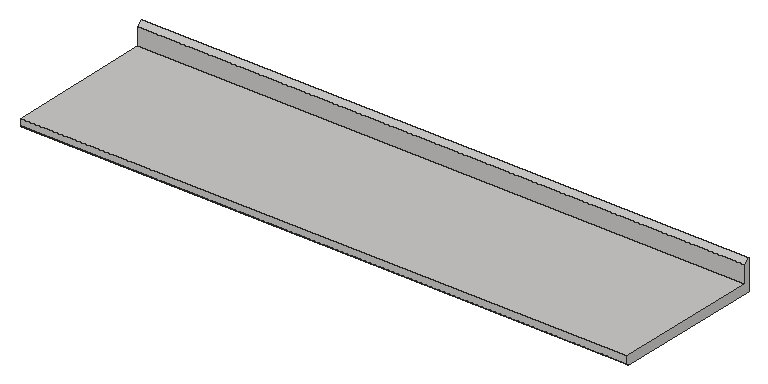
Revit family "QF_ELECTROLUXPROFESSIONAL_121166_TPLA28A", category Attrezzature speciali, Revit 2020
Family settings
  Quota connettore circolare = Usa diametro
  Tipo di parte = Normale
  Basato su piano di lavoro = No
  Sempre verticale = Sì
  Taglio con vuoti quando caricato = No
  Condiviso = No
  Punto di calcolo locali = No
Parameters (values of type "Standard")
  Weight = 89.00 kg
  Watts = 0 W
  Volts = 0 V
  URL Manufacturer = "https://www.electroluxprofessional.com/"
  URL = "https://www.electroluxprofessional.com/"
  Steam Supply Size = 0 mm
  Steam Supply Minimum Pressure = 0.0 Pa
  Steam Supply Maximum Pressure = 0.0 Pa
  Steam Consumption per Hour = 0
  Refrigeration Suction Line Size = 0.0 mm
  Refrigeration Liquid Line Size = 0.0 mm
  Refrigerant Compressor Remote = yes
  Prospetto di default = 0.0 mm
  Phase = 0
  Modello = "TPLA28A"
  Produttore = "Electrolux Professional"
  Length Actual = 2800.0 mm  # constant formula
  Item Number = "121166"
  Hot Water Size = 0 mm
  Height Actual = 140.0 mm  # constant formula
  HP = "0 HP"
  Gas Size = 0 mm
  Gas KW = 0
  Gas Input Pressure = 0 W
  Direct Waste Size = 0 mm
  Descrizione = "WORK TOP WITH UPSTAND 2800MM"
  Depth Actual = 700.0 mm  # constant formula
  Cycle = 0 Hz
  Condensate Return Size = 0 mm
  Compressed Air Volume = 0.0 L/s
  Compressed Air Size = 0 mm
  Compressed Air Pressure = 0.0 Pa
  Cold Water Size = 0 mm
  Accessory = yes
Reference planes
  plane 1 "Center (Front/Back)": y = 0
  plane 2: z = 0
  plane 3 "Center (Left/Right)": x = -900
  plane 4 "LEFT": x = -2300
  plane 5 "RIGHT": x = 500
  plane 6 "BACK": y = 350
  plane 7 "FRONT": y = -350
  plane 8 "TOP": z = 1000
  plane 9: z = 900
  plane 10: z = 860
Forms (mm)
  Extrusion 1, solid, material "QF_Finishes_Stainless Steel"
    sketch origin (-900, 0, 0) x (0, 1, 0) y (0, 0, 1)
      loop
        line (350, 1000) -> (330, 980) -> (330, 900) -> (-350, 900) -> (-350, 870) -> (-340, 860) -> (350, 860) -> (350, 1000)
    from 1400 to -1400
Lines and regions (mm)
  symbolic lines
    curve 1: line (500, 350, 1000) -> (-2300, 350, 1000)
    curve 2: line (-2300, 350, 1000) -> (-2300, -350, 1000)
    curve 3: line (-2300, -350, 1000) -> (500, -350, 1000)
    curve 4: line (500, -350, 1000) -> (500, 350, 1000)
    curve 5: line (-2300, 330, 1000) -> (500, 330, 1000)
Dimensions and locks
  plane 4 "LEFT" to plane 5 "RIGHT" = 2800.0 mm
  equal spacing: plane 4 "LEFT", plane 3 "Center (Left/Right)", plane 5 "RIGHT"
  plane 6 "BACK" to plane 7 "FRONT" = 700.0 mm
  equal spacing: plane 6 "BACK", plane 1 "Center (Front/Back)", plane 7 "FRONT"
  locked: plane 8 "TOP" to plane 9 at 100
  locked: plane 6 "BACK" to Extrusion 1 sketch curve at 20
  plane 10 to level = 860.0 mm
  plane 8 "TOP" to plane 10 = 140.0 mm
  aligned and locked: level to plane 2
  aligned and locked: Extrusion 1 to plane 4 "LEFT"
  aligned and locked: plane 5 "RIGHT" to Extrusion 1
  aligned and locked: curve 2 to plane 4 "LEFT"
  aligned and locked: Extrusion 1 sketch curve to plane 9
  aligned and locked: Extrusion 1 sketch curve to plane 6 "BACK"
  aligned and locked: plane 7 "FRONT" to Extrusion 1 sketch curve
  aligned and locked: plane 10 to Extrusion 1 sketch curve
Automatic sketch dimensions
  curve 3 to plane 7 "FRONT" = 0.0 mm
  curve 4 to plane 5 "RIGHT" = 0.0 mm
  curve 4 to plane 6 "BACK" = 0.0 mm
  curve 5 to plane 6 "BACK" = 20.0 mm
  Extrusion 1 sketch curve to plane 8 "TOP" = 0.0 mm
  Extrusion 1 sketch curve to plane 8 "TOP" = 20.0 mm
  plane 7 "FRONT" to Extrusion 1 sketch curve = 10.0 mm
  level to Extrusion 1 sketch curve = 870.0 mm
